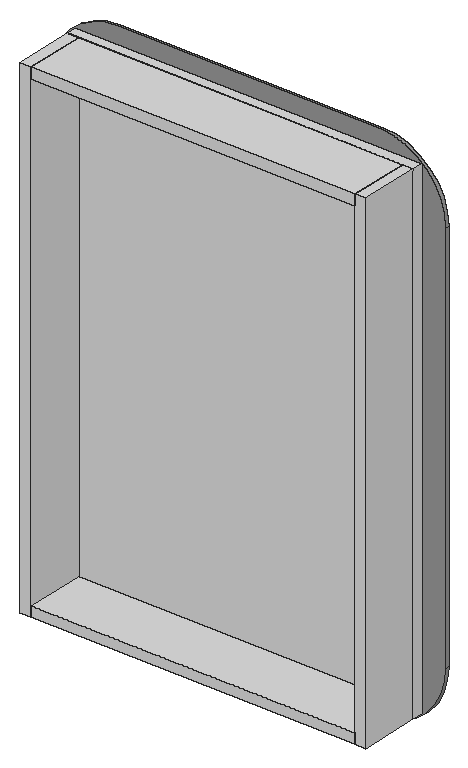
Revit family "Zara 600 Curved Mirror Cabinet", category Casework, host Wall, Revit 2023
Family settings
  Host = Wall
  OmniClass Number = 23.40.35.00
  OmniClass Title = Casework
  Always vertical = Yes
  Cut with Voids When Loaded = No
  Shared = No
  Room Calculation Point = No
Parameters (values of type "Type 1")
  Mirror = Mirror
  Default Elevation = 0 mm
  Cabinet = Cabinet
Reference planes
  plane 1: y = 0
  plane 2 "Center (Left/Right)": x = 125
  plane 3 "Back": y = 75
  plane 4: z = 1200
Text (mm)
  text "Placement side" at (-1493.551, 674.496, 0), in view "Ref. Level"
  text "Placement side" at (0, 1232.041, 2958.779), in view "Left"
  text "Placement side" at (0, 270.471, 3035.99), in view "Right"
Dimensions and locks
  locked: plane 3 "Back" to host wall
  aligned and locked: plane 1 to host wall
  aligned and locked: nested 1 to plane 2 "Center (Left/Right)"
  aligned and locked: host wall to nested 1
  aligned and locked: plane 4 to nested 1
Nested families
  nested 1: "Zara 600 Curved Mirror Cabinet (Family)" at (169.7, 75, 1175) x (-1, 0, 0) z (0, 0, 1), type "Zara 600 Curved Mirror Cabinet (Family)"
Definition of nested family "Zara 600 Curved Mirror Cabinet (Family)"
  Parameters (values of type "Zara 600 Curved Mirror Cabinet (Family)")
    Mirror = none
    Depth = 111 mm
    Height = 800 mm
    Width = 600 mm
    Default Elevation = 0 mm
    Cabinet = none
  Reference planes
    plane 1 "Back": y = 0
    plane 2: z = 0
    plane 3 "Center (Left/Right)": x = 44.7
    plane 4 "Front": y = -111
    plane 5 "Left": x = -255.3
    plane 6 "Right": x = 344.7
    plane 7 "Top": z = 800
    plane 8 "2": x = -217.8
    plane 9 "3": x = 307.2
    plane 10 "4": y = -107
    plane 11 "5": y = -91
    plane 12: z = 25
    plane 13 "6": z = 775
  Forms (mm)
    Extrusion 1, solid, material <- "Cabinet"
      sketch origin (0, 0, 0) x (1, 0, 0) y (0, 1, 0)
        loop
          line (-217.8, 0) -> (-217.8, -91) -> (-201.8, -91) -> (-201.8, 0) -> (-217.8, 0)
        loop
          line (291.2, 0) -> (291.2, -91) -> (307.2, -91) -> (307.2, 0) -> (291.2, 0)
      from 25 to 775
    Extrusion 2, solid, material <- "Cabinet"
      sketch origin (44.7, 0, 0) x (0, 1, 0) y (0, 0, 1)
        loop
          line (0, 775) -> (-91, 775) -> (-91, 759) -> (0, 759) -> (0, 775)
        loop
          line (0, 41) -> (-91, 41) -> (-91, 25) -> (0, 25) -> (0, 41)
      from -246.5 to 246.5
    Extrusion 3, solid, material <- "Cabinet"
      sketch origin (0, -111, 0) x (1, 0, 0) y (0, 0, 1)
        loop
          line (-217.8, 775) -> (-217.8, 25) -> (307.2, 25) -> (307.2, 775) -> (-217.8, 775)
      from -20 to -4
    Extrusion 4, solid, material <- "Mirror"
      sketch origin (0, -111, 0) x (1, 0, 0) y (0, 0, 1)
        loop
          arc (-155.3, 800) -> (-226.01, 770.711) -> (-255.3, 700) r 100
          line (-255.3, 700) -> (-255.3, 100)
          arc (-255.3, 100) -> (-226.01, 29.289) -> (-155.3, 0) r 100
          line (-155.3, 0) -> (244.7, 0)
          arc (244.7, 0) -> (315.411, 29.289) -> (344.7, 100) r 100
          line (344.7, 100) -> (344.7, 700)
          arc (344.7, 700) -> (315.411, 770.711) -> (244.7, 800) r 100
          line (244.7, 800) -> (-155.3, 800)
      from -4 to 0
  Dimensions and locks
    "Width": plane 6 "Right" to plane 5 "Left"
    equal spacing: plane 6 "Right", plane 3 "Center (Left/Right)", plane 5 "Left"
    "Depth": plane 4 "Front" to plane 1 "Back"
    "Height": level to plane 7 "Top"
    aligned and locked: level to plane 2
    aligned and locked: plane 1 "Back" to Extrusion 1 sketch curve
    aligned and locked: plane 8 "2" to Extrusion 1 sketch curve
    aligned and locked: Extrusion 1 sketch curve to plane 11 "5"
    aligned and locked: Extrusion 1 to plane 12
    aligned and locked: Extrusion 1 to plane 13 "6"
    aligned and locked: Extrusion 2 to Extrusion 1  (x2)
    aligned and locked: Extrusion 3 sketch curve to Extrusion 1  (x4)
    aligned and locked: Extrusion 3 to plane 11 "5"
    aligned and locked: plane 10 "4" to Extrusion 3
    aligned and locked: Extrusion 4 to plane 10 "4"
    aligned and locked: plane 4 "Front" to Extrusion 4
  Automatic sketch dimensions
    plane 1 "Back" to Extrusion 1 sketch curve = 0 mm
    plane 11 "5" to Extrusion 1 sketch curve = 0 mm
    Extrusion 1 sketch curve to plane 9 "3" = 0 mm
    Extrusion 1 sketch curve to Extrusion 1 sketch curve = 16 mm
    Extrusion 1 sketch curve to plane 9 "3" = 16 mm
    Extrusion 2 sketch curve to plane 11 "5" = 0 mm  (x2)
    Extrusion 2 sketch curve to plane 1 "Back" = 0 mm  (x2)
    Extrusion 2 sketch curve to plane 12 = 0 mm
    plane 13 "6" to Extrusion 2 sketch curve = 0 mm
    plane 12 to Extrusion 2 sketch curve = 16 mm
    Extrusion 2 sketch curve to Extrusion 2 sketch curve = 16 mm
    Extrusion 4 sketch curve to plane 5 "Left" = 0 mm
    Extrusion 4 sketch curve to level = 0 mm
    Extrusion 4 sketch curve to plane 7 "Top" = 0 mm
    Extrusion 4 sketch curve to plane 6 "Right" = 0 mm
    plane 8 "2" to Extrusion 4 sketch curve = 62.5 mm  (x2)
    Extrusion 4 sketch curve to plane 9 "3" = 62.5 mm  (x2)
